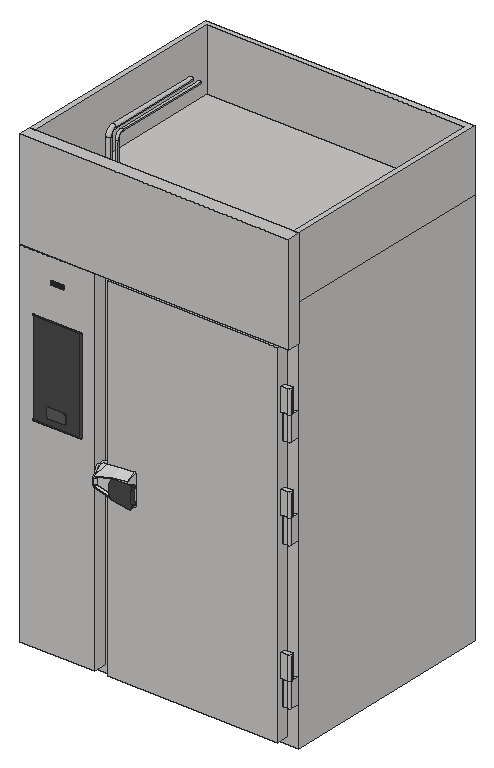
Revit family "QF_ZANUSSI_110552_ZBFA22RDE", category Specialty Equipment, Revit 2018
Family settings
  Round Connector Dimension = Use Radius
  Part Type = Normal
  Work Plane-Based = No
  Always vertical = Yes
  Cut with Voids When Loaded = No
  Shared = Yes
  Room Calculation Point = No
Parameters
  Weight = 0.00 kg
  Watts = 209.032 W
  Volts = 380 V
  URL Manufacturer = "http://www.zanussiprofessional.com"
  URL = "http://www.zanussiprofessional.com"
  Steam Supply Size = 0"
  Steam Supply Minimum Pressure = 0.00 psi
  Steam Supply Maximum Pressure = 0.00 psi
  Steam Pounds per Hour = 0
  Show Logo [instance] = yes
  Refrigeration Suction Line Size = 0"
  Refrigeration Liquid Line Size = 0"
  Refrigerant Compressor Remote = yes
  Phase = 3
  Model = "ZBFA22RDE"
  Manufacturer = "Zanussi"
  Length Actual = 1400 mm  # constant formula
  Item Number = "110552"
  Hot Water Size = 0"
  Height Actual = 2270 mm  # constant formula
  HP = "3 HP"
  Gas Size = 0"
  Gas KW = 0
  Gas Input Pressure = 0.0 Btu/h
  Description = "RAPIDO BLAST CHILLER FREEZER 200/170KG 20 GN 2/1 - DISASSEMBLED - REMOTE REFRIGERATING UNIT"
  Depth Actual = 1266 mm  # constant formula
  Cycle = 60 Hz
  Condensate Return Size = 0"
  Compressed Air Volume = 0 GPM
  Compressed Air Size = 0"
  Compressed Air Pressure = 0.00 psi
  Cold Water Size = 0"
  Assembly Code = ""
  Show Clearance [instance] = yes
  Accessory = yes
Reference planes
  plane 1 "BACK": y = 1
  plane 2: z = 0
  plane 3 "LEFT": x = 0
  plane 4 "RIGHT": x = 1400
  plane 5 "FRONT": y = -1205
  plane 6 "TOP": z = 2400
  plane 7 "Center Y": x = 700
  plane 8: y = -2155
  plane 9: y = -602
Forms (mm)
  Extrusion 1, solid, material "QF_Clearance", visible <- "Show Clearance", detail levels coarse
    sketch origin (0, 0, -70) x (1, 0, 0) y (0, 1, 0)
      loop
        line (0, -1205) -> (0, 1) -> (1400, 1) -> (1400, -1205) -> (1500, -1205) -> (1500, 101) -> (-100, 101) -> (-100, -1205) -> (0, -1205)
    from 70 to 2670
  Extrusion 2, solid, material "QF_Finishes_Stainless Steel"
    sketch origin (349.253, 33, 630.991) x (-1, 0, 0) y (0, -1, 0)
      loop
        line (349.253, 1172.759) -> (349.253, 1238) -> (-39.747, 1238) -> (-39.747, 1172.759) -> (349.253, 1172.759)
    from -597 to 1254
  Extrusion 3, solid, material "QF_Finishes_Stainless Steel"
    sketch origin (596.16, 27.971, -70) x (1, 0, 0) y (0, 1, 0)
      loop
        line (743.84, -1172.971) -> (-141.16, -1172.971) -> (-141.16, -1232.971) -> (743.84, -1232.971) -> (743.84, -1172.971)
    from 103.991 to 1945.25
  Extrusion 4, solid, material "QF_Door-Drawer Clearances", visible <- "Show Clearance", detail levels coarse
    sketch origin (875, -72.029, -91.802) x (-1, 0, 0) y (0, -1, 0)
      loop
        line (-465, 2025.971) -> (-465, 1132.971) -> (420, 1132.971)
        arc (420, 1132.971) -> (153.836, 1754.227) -> (-465, 2025.971) r 920
    from 125.793 to 1967.052
  Extrusion 5, solid, material "QF_Finishes_Stainless Steel"
    sketch origin (0, -1139.759, 0) x (0, 1, 0) y (-1, 0, 0)
      loop
        line (1140.759, 0) -> (0.759, 0) -> (0.759, -1400) -> (1140.759, -1400) -> (1140.759, 0)
    from 0 to 2080
  Extrusion 6, solid, material "QF_Finishes_Stainless Steel"
    sketch origin (0, 0, -70) x (0, 1, 0) y (0, 0, 1)
      loop
        line (-1139, 2470) -> (-1205, 2470) -> (-1205, 1956) -> (-1139, 1956) -> (-1139, 2470)
    from 0 to 1400
  Extrusion 7, solid, material "QF_Finishes_Stainless Steel"
    sketch origin (0, -1139.759, 2080) x (0, 1, 0) y (-1, 0, 0)
      loop
        line (1140.759, 0) -> (0.759, 0) -> (0.759, -27.807) -> (1112.952, -27.807) -> (1112.952, -1372.193) -> (0.759, -1372.193) -> (0.759, -1400) -> (1140.759, -1400) -> (1140.759, 0)
    from 0 to 320
  Extrusion 8, solid, material "QF_Clearance", visible <- "Show Clearance", detail levels coarse
    sketch origin (0, 0, 2400) x (-1, 0, 0) y (0, -1, 0)
      loop
        line (0, 1205) -> (-1400, 1205) -> (-1400, -1) -> (0, -1) -> (0, 1205)
    from 0 to 200
  Extrusion 9, solid, material "QF_Finishes_Stainless Steel"
    sketch origin (-390.239, -0.977, 1172.559) x (1, 0, 0) y (0, 1, 0)
      loop
        line (1730.239, -1159.557) -> (1730.239, -1186.759) -> (1771.078, -1186.759)
        arc (1771.078, -1186.759) -> (1778.149, -1183.83) -> (1781.078, -1176.759) r 10
        line (1781.078, -1176.759) -> (1781.078, -1169.557)
        arc (1781.078, -1169.557) -> (1778.149, -1162.486) -> (1771.078, -1159.557) r 10
        line (1771.078, -1159.557) -> (1730.239, -1159.557)
    from 398 to 516
  Extrusion 10, solid, material "QF_Finishes_Stainless Steel"
    sketch origin (-388.989, -0.977, 1172.559) x (1, 0, 0) y (0, 1, 0)
      loop
        line (1779.828, -1138.023) -> (1738.215, -1138.023) -> (1738.215, -1176.759)
        arc (1738.215, -1176.759) -> (1741.143, -1183.83) -> (1748.215, -1186.759) r 10
        line (1748.215, -1186.759) -> (1769.828, -1186.759)
        arc (1769.828, -1186.759) -> (1776.899, -1183.83) -> (1779.828, -1176.759) r 10
        line (1779.828, -1176.759) -> (1779.828, -1138.023)
    from 269 to 396
  Extrusion 11, solid, material "QF_Finishes_Handrails and Railings"
    sketch origin (0, -1205, -139.705) x (-1, 0, 0) y (0, 0, 1)
      loop
        arc (-455, 1022.346) -> (-433.392, 1027.289) -> (-413, 1035.976) r 124.815
        arc (-413, 1035.976) -> (-402.037, 1046.425) -> (-398, 1061.023) r 28.412
        line (-398, 1061.023) -> (-398, 1124.287)
        arc (-398, 1124.287) -> (-402.037, 1138.885) -> (-413, 1149.334) r 28.412
        arc (-413, 1149.334) -> (-433.392, 1158.021) -> (-455, 1162.964) r 124.815
        line (-455, 1162.964) -> (-455, 1022.346)
    from 0 to 25
  Extrusion 12, solid, material "QF_Finishes_Stainless Steel"
    sketch origin (0, 1, -70) x (1, 0, 0) y (0, 0, 1)
      loop
        circle (50.191, 2279.706) r 10
    from -2 to 0
  Extrusion 13, solid
    sketch origin (0, 0, -70) x (1, 0, 0) y (0, 1, 0)
      loop
        circle (271, -895) r 12.7
    from 180 to 190
  Sweep 14, solid, material "QF_Finishes_Stainless Steel"
    path in 3D
      loop
        line (196, -872.727, 2090) -> (196, -872.727, 2314.785)
        arc (196, -872.727, 2314.785) -> (196, -863.94, 2335.999) -> (196, -842.727, 2344.785) r 30
        line (196, -842.727, 2344.785) -> (196, -337, 2344.785)
    profile origin (196, -589.864, 2344.785) x (-1, 0, 0) y (0, 0, 1)
      loop
        circle (0, -0.785) r 11
  Sweep 15, solid, material "QF_Finishes_Stainless Steel"
    path in 3D
      loop
        line (239, -337, 2344) -> (239, -842.727, 2344)
        arc (239, -842.727, 2344) -> (239, -863.94, 2335.213) -> (239, -872.727, 2314) r 30
        line (239, -872.727, 2314) -> (239, -872.727, 2090)
    profile origin (239, -589.864, 2344) x (1, 0, 0) y (0, 0, 1)
      loop
        circle (0, 0) r 6
  Extrusion 16, solid, material "QF_Finishes_Stainless Steel"
    sketch origin (0, -1139.759, 2080) x (0, 1, 0) y (-1, 0, 0)
      loop
        line (272.791, -163.68) -> (262.791, -163.68)
        arc (262.791, -163.68) -> (252.185, -168.074) -> (247.791, -178.68) r 15
        line (247.791, -178.68) -> (247.791, -270.358)
        arc (247.791, -270.358) -> (252.185, -280.965) -> (262.791, -285.358) r 15
        line (262.791, -285.358) -> (272.791, -285.358)
        arc (272.791, -285.358) -> (283.398, -280.965) -> (287.791, -270.358) r 15
        line (287.791, -270.358) -> (287.791, -178.68)
        arc (287.791, -178.68) -> (283.398, -168.074) -> (272.791, -163.68) r 15
    from 0 to 10
  Blend 17, solid, material "QF_Finishes_Handrails and Railings"
    base sketch origin (0, -1205, -139.705) x (1, 0, 0) y (0, 0, 1)
      loop
        arc (455, 1162.964) -> (433.392, 1158.021) -> (413, 1149.334) r 124.815
        arc (413, 1149.334) -> (402.037, 1138.885) -> (398, 1124.287) r 28.412
        line (398, 1124.287) -> (398, 1061.023)
        arc (398, 1061.023) -> (402.037, 1046.425) -> (413, 1035.976) r 28.412
        arc (413, 1035.976) -> (433.392, 1027.289) -> (455, 1022.346) r 124.815
        arc (455, 1022.346) -> (524.77, 1014.896) -> (594.859, 1011.587) r 1185.63
        arc (594.859, 1011.587) -> (600.607, 1013.879) -> (603, 1019.586) r 8
        line (603, 1019.586) -> (603, 1165.724)
        arc (603, 1165.724) -> (600.607, 1171.431) -> (594.859, 1173.723) r 8
        arc (594.859, 1173.723) -> (524.77, 1170.414) -> (455, 1162.964) r 1185.63
    top sketch origin (0, -1205, -139.705) x (1, 0, 0) y (0, 0, 1)
      loop
        line (421, 1108.337) -> (421, 1076.973)
        arc (421, 1076.973) -> (423.295, 1069.915) -> (429.302, 1065.557) r 12
        arc (429.302, 1065.557) -> (515.086, 1044.22) -> (603, 1034.974) r 636.459
        line (603, 1034.974) -> (603, 1150.336)
        arc (603, 1150.336) -> (515.086, 1141.09) -> (429.302, 1119.753) r 636.459
        arc (429.302, 1119.753) -> (423.295, 1115.395) -> (421, 1108.337) r 12
    from 0 to 50
  Blend 18, void
    base sketch origin (0, -1255, -139.705) x (-1, 0, 0) y (0, 0, 1)
      loop
        arc (-430.843, 1114.996) -> (-515.866, 1136.151) -> (-603, 1145.333) r 631.459
        line (-603, 1145.333) -> (-603, 1039.977)
        arc (-603, 1039.977) -> (-515.866, 1049.159) -> (-430.843, 1070.314) r 631.459
        arc (-430.843, 1070.314) -> (-427.339, 1072.856) -> (-426, 1076.973) r 7
        line (-426, 1076.973) -> (-426, 1108.337)
        arc (-426, 1108.337) -> (-427.339, 1112.454) -> (-430.843, 1114.996) r 7
    top sketch origin (0, -1255, -139.705) x (-1, 0, 0) y (0, 0, 1)
      loop
        arc (-432.384, 1110.24) -> (-516.647, 1131.211) -> (-603, 1140.33) r 626.459
        line (-603, 1140.33) -> (-603, 1044.98)
        arc (-603, 1044.98) -> (-516.647, 1054.099) -> (-432.384, 1075.07) r 626.459
        arc (-432.384, 1075.07) -> (-431.382, 1075.797) -> (-431, 1076.973) r 2
        line (-431, 1076.973) -> (-431, 1108.337)
        arc (-431, 1108.337) -> (-431.382, 1109.513) -> (-432.384, 1110.24) r 2
    from 0 to 10
  Blend 19, solid, material "QF_Finishes_Black"
    base sketch origin (0, -1245, -139.705) x (1, 0, 0) y (0, 0, 1)
      loop
        arc (628.567, 1043.419) -> (622.014, 1092.655) -> (628.567, 1141.89) r 188.232
        arc (628.567, 1141.89) -> (627.358, 1147.991) -> (621.77, 1150.721) r 7
        arc (621.77, 1150.721) -> (572.304, 1148.509) -> (523.16, 1142.458) r 636.459
        arc (523.16, 1142.458) -> (507.711, 1092.655) -> (523.16, 1042.852) r 88
        arc (523.16, 1042.852) -> (572.304, 1036.801) -> (621.77, 1034.589) r 636.459
        arc (621.77, 1034.589) -> (627.358, 1037.319) -> (628.567, 1043.419) r 7
    top sketch origin (0, -1245, -139.705) x (1, 0, 0) y (0, 0, 1)
      loop
        arc (626.748, 1050.703) -> (622.014, 1092.655) -> (626.748, 1134.607) r 188.232
        arc (626.748, 1134.607) -> (625.775, 1138.85) -> (621.845, 1140.722) r 5
        arc (621.845, 1140.722) -> (569.023, 1138.185) -> (516.603, 1131.203) r 626.459
        arc (516.603, 1131.203) -> (507.711, 1092.655) -> (516.603, 1054.107) r 88
        arc (516.603, 1054.107) -> (569.023, 1047.124) -> (621.845, 1044.588) r 626.459
        arc (621.845, 1044.588) -> (625.775, 1046.46) -> (626.748, 1050.703) r 5
    from 20 to 0
  Extrusion 20, solid, material "QF_Finishes_Stainless Steel"
    sketch origin (-390.239, -0.977, 692.559) x (1, 0, 0) y (0, 1, 0)
      loop
        line (1730.239, -1159.557) -> (1730.239, -1186.759) -> (1771.078, -1186.759)
        arc (1771.078, -1186.759) -> (1778.149, -1183.83) -> (1781.078, -1176.759) r 10
        line (1781.078, -1176.759) -> (1781.078, -1169.557)
        arc (1781.078, -1169.557) -> (1778.149, -1162.486) -> (1771.078, -1159.557) r 10
        line (1771.078, -1159.557) -> (1730.239, -1159.557)
    from 398 to 516
  Extrusion 21, solid, material "QF_Finishes_Stainless Steel"
    sketch origin (-388.989, -0.977, 692.559) x (1, 0, 0) y (0, 1, 0)
      loop
        line (1779.828, -1138.023) -> (1738.215, -1138.023) -> (1738.215, -1176.759)
        arc (1738.215, -1176.759) -> (1741.143, -1183.83) -> (1748.215, -1186.759) r 10
        line (1748.215, -1186.759) -> (1769.828, -1186.759)
        arc (1769.828, -1186.759) -> (1776.899, -1183.83) -> (1779.828, -1176.759) r 10
        line (1779.828, -1176.759) -> (1779.828, -1138.023)
    from 269 to 396
  Extrusion 22, solid, material "QF_Finishes_Stainless Steel"
    sketch origin (-390.239, -0.977, -67.441) x (1, 0, 0) y (0, 1, 0)
      loop
        line (1730.239, -1159.557) -> (1730.239, -1186.759) -> (1771.078, -1186.759)
        arc (1771.078, -1186.759) -> (1778.149, -1183.83) -> (1781.078, -1176.759) r 10
        line (1781.078, -1176.759) -> (1781.078, -1169.557)
        arc (1781.078, -1169.557) -> (1778.149, -1162.486) -> (1771.078, -1159.557) r 10
        line (1771.078, -1159.557) -> (1730.239, -1159.557)
    from 398 to 516
  Extrusion 23, solid, material "QF_Finishes_Stainless Steel"
    sketch origin (-388.989, -0.977, -67.441) x (1, 0, 0) y (0, 1, 0)
      loop
        line (1779.828, -1138.023) -> (1738.215, -1138.023) -> (1738.215, -1176.759)
        arc (1738.215, -1176.759) -> (1741.143, -1183.83) -> (1748.215, -1186.759) r 10
        line (1748.215, -1186.759) -> (1769.828, -1186.759)
        arc (1769.828, -1186.759) -> (1776.899, -1183.83) -> (1779.828, -1176.759) r 10
        line (1779.828, -1176.759) -> (1779.828, -1138.023)
    from 269 to 396
  Extrusion 24, solid, material "QF_Door-Drawer Clearances", visible <- "Show Clearance", detail levels coarse
    sketch origin (167.029, -1956.84, -70) x (0, 1, 0) y (-1, 0, 0)
      loop
        line (751.84, -1172.971) -> (-141.16, -1172.971) -> (-141.16, -1232.971) -> (751.84, -1232.971) -> (751.84, -1172.971)
    from 103.991 to 1945.25
  Extrusion 25, solid, material "QF_Door-Drawer Clearances", visible <- "Show Clearance", detail levels coarse
    sketch origin (1400, -2553, -139.705) x (0, -1, 0) y (0, 0, 1)
      loop
        arc (-455, 1022.346) -> (-433.392, 1027.289) -> (-413, 1035.976) r 124.815
        arc (-413, 1035.976) -> (-402.037, 1046.425) -> (-398, 1061.023) r 28.412
        line (-398, 1061.023) -> (-398, 1124.287)
        arc (-398, 1124.287) -> (-402.037, 1138.885) -> (-413, 1149.334) r 28.412
        arc (-413, 1149.334) -> (-433.392, 1158.021) -> (-455, 1162.964) r 124.815
        line (-455, 1162.964) -> (-455, 1022.346)
    from 0 to 25
  Blend 26, solid, material "QF_Door-Drawer Clearances", visible <- "Show Clearance", detail levels coarse
    base sketch origin (1400, -2553, -139.705) x (0, 1, 0) y (0, 0, 1)
      loop
        arc (455, 1162.964) -> (433.392, 1158.021) -> (413, 1149.334) r 124.815
        arc (413, 1149.334) -> (402.037, 1138.885) -> (398, 1124.287) r 28.412
        line (398, 1124.287) -> (398, 1061.023)
        arc (398, 1061.023) -> (402.037, 1046.425) -> (413, 1035.976) r 28.412
        arc (413, 1035.976) -> (433.392, 1027.289) -> (455, 1022.346) r 124.815
        arc (455, 1022.346) -> (524.77, 1014.896) -> (594.859, 1011.587) r 1185.63
        arc (594.859, 1011.587) -> (600.607, 1013.879) -> (603, 1019.586) r 8
        line (603, 1019.586) -> (603, 1165.724)
        arc (603, 1165.724) -> (600.607, 1171.431) -> (594.859, 1173.723) r 8
        arc (594.859, 1173.723) -> (524.77, 1170.414) -> (455, 1162.964) r 1185.63
    top sketch origin (1400, -2553, -139.705) x (0, 1, 0) y (0, 0, 1)
      loop
        line (421, 1108.337) -> (421, 1076.973)
        arc (421, 1076.973) -> (423.295, 1069.915) -> (429.302, 1065.557) r 12
        arc (429.302, 1065.557) -> (515.086, 1044.22) -> (603, 1034.974) r 636.459
        line (603, 1034.974) -> (603, 1150.336)
        arc (603, 1150.336) -> (515.086, 1141.09) -> (429.302, 1119.753) r 636.459
        arc (429.302, 1119.753) -> (423.295, 1115.395) -> (421, 1108.337) r 12
    from 0 to 50
  Blend 27, void
    base sketch origin (1450, -2553, -139.705) x (0, -1, 0) y (0, 0, 1)
      loop
        arc (-430.843, 1114.996) -> (-515.866, 1136.151) -> (-603, 1145.333) r 631.459
        line (-603, 1145.333) -> (-603, 1039.977)
        arc (-603, 1039.977) -> (-515.866, 1049.159) -> (-430.843, 1070.314) r 631.459
        arc (-430.843, 1070.314) -> (-427.339, 1072.856) -> (-426, 1076.973) r 7
        line (-426, 1076.973) -> (-426, 1108.337)
        arc (-426, 1108.337) -> (-427.339, 1112.454) -> (-430.843, 1114.996) r 7
    top sketch origin (1450, -2553, -139.705) x (0, -1, 0) y (0, 0, 1)
      loop
        arc (-432.384, 1110.24) -> (-516.647, 1131.211) -> (-603, 1140.33) r 626.459
        line (-603, 1140.33) -> (-603, 1044.98)
        arc (-603, 1044.98) -> (-516.647, 1054.099) -> (-432.384, 1075.07) r 626.459
        arc (-432.384, 1075.07) -> (-431.382, 1075.797) -> (-431, 1076.973) r 2
        line (-431, 1076.973) -> (-431, 1108.337)
        arc (-431, 1108.337) -> (-431.382, 1109.513) -> (-432.384, 1110.24) r 2
    from 0 to 10
  Blend 28, solid, material "QF_Door-Drawer Clearances", visible <- "Show Clearance", detail levels coarse
    base sketch origin (1440, -2553, -139.705) x (0, 1, 0) y (0, 0, 1)
      loop
        arc (628.567, 1043.419) -> (622.014, 1092.655) -> (628.567, 1141.89) r 188.232
        arc (628.567, 1141.89) -> (627.358, 1147.991) -> (621.77, 1150.721) r 7
        arc (621.77, 1150.721) -> (572.304, 1148.509) -> (523.16, 1142.458) r 636.459
        arc (523.16, 1142.458) -> (507.711, 1092.655) -> (523.16, 1042.852) r 88
        arc (523.16, 1042.852) -> (572.304, 1036.801) -> (621.77, 1034.589) r 636.459
        arc (621.77, 1034.589) -> (627.358, 1037.319) -> (628.567, 1043.419) r 7
    top sketch origin (1440, -2553, -139.705) x (0, 1, 0) y (0, 0, 1)
      loop
        arc (626.748, 1050.703) -> (622.014, 1092.655) -> (626.748, 1134.607) r 188.232
        arc (626.748, 1134.607) -> (625.775, 1138.85) -> (621.845, 1140.722) r 5
        arc (621.845, 1140.722) -> (569.023, 1138.185) -> (516.603, 1131.203) r 626.459
        arc (516.603, 1131.203) -> (507.711, 1092.655) -> (516.603, 1054.107) r 88
        arc (516.603, 1054.107) -> (569.023, 1047.124) -> (621.845, 1044.588) r 626.459
        arc (621.845, 1044.588) -> (625.775, 1046.46) -> (626.748, 1050.703) r 5
    from 20 to -1
Cuts and joins
  Blend 18 cuts Blend 17
  joined: Extrusion 11, Blend 17
  Blend 18 cuts Extrusion 4
  Blend 27 cuts Blend 26
  Blend 27 cuts Blend 28
  joined: Extrusion 4, Extrusion 24, Extrusion 25, Blend 26, Blend 28
  joined: Extrusion 7, Extrusion 12
  joined: Extrusion 5, Extrusion 10, Sweep 14, Sweep 15, Extrusion 16, Extrusion 21, Extrusion 23
  joined: Extrusion 3, Extrusion 9, Extrusion 20, Extrusion 22
  joined: Extrusion 1, Extrusion 8
Lines and regions (mm)
  symbolic lines, style "QF-Clearances", visible <- "Show Clearance", detail levels coarse
    curve 1: line (-100, -1204.241, 70) -> (-100, 101, 70)
    curve 2: line (-100, 101, 70) -> (1500, 101, 70)
    curve 3: line (1500, 101, 70) -> (1500, -1204.241, 70)
  symbolic lines
    curve 4: line (185, -336.968, 70) -> (207, -336.968, 70)
    curve 5: line (207, -336.968, 70) -> (207, -871.942, 70)
    curve 6: line (233, -872.727, 70) -> (233, -337, 70)
    curve 7: line (233, -337, 70) -> (245, -337, 70)
    curve 8: line (245, -337, 70) -> (245, -872.727, 70)
    curve 9: line (245, -851.968, 70) -> (270.358, -851.968, 70)
    curve 10: arc (285.358, -866.968, 70) -> (280.965, -856.361, 70) -> (270.358, -851.968, 70) r 15
    curve 11: line (285.358, -876.968, 70) -> (285.358, -866.968, 70)
    curve 12: arc (270.358, -891.968, 70) -> (280.965, -887.575, 70) -> (285.358, -876.968, 70) r 15
    curve 13: line (178.68, -891.968, 70) -> (270.358, -891.968, 70)
    curve 14: arc (163.68, -876.968, 70) -> (168.074, -887.575, 70) -> (178.68, -891.968, 70) r 15
    curve 15: line (163.68, -866.968, 70) -> (163.68, -876.968, 70)
    curve 16: arc (178.68, -851.968, 70) -> (168.074, -856.361, 70) -> (163.68, -866.968, 70) r 15
    curve 17: arc (207, -871.942, 70) -> (196, -882.942, 70) -> (185, -871.942, 70) r 11
    curve 18: arc (233, -872.727, 70) -> (239, -878.727, 70) -> (245, -872.727, 70) r 6
    curve 19: line (178.68, -851.968, 70) -> (185, -851.968, 70)
    curve 20: line (185, -336.968, 70) -> (185, -871.942, 70)
    curve 21: line (207, -851.968, 70) -> (233, -851.968, 70)
    curve 22: line (0, 1, 70) -> (1400, 1, 70)
    curve 23: line (0, -1205, 70) -> (0, 1, 70)
    curve 24: line (1400, -1205, 70) -> (0, -1205, 70)
    curve 25: line (1400, 1, 70) -> (1400, -1205, 70)
    curve 26: line (27.807, -26.807, 70) -> (1372.193, -26.807, 70)
    curve 27: line (27.807, -1139, 70) -> (27.807, -26.807, 70)
    curve 28: line (1400, -1139, 70) -> (0, -1139, 70)
    curve 29: line (1372.193, -26.807, 70) -> (1372.193, -1139, 70)
    curve 30: line (75.5, -1210, 70) -> (313.5, -1210, 70)
    curve 31: line (75.5, -1210, 70) -> (67.5, -1205, 70)
    curve 32: line (313.5, -1210, 70) -> (321.5, -1205, 70)
    curve 33: line (421, -1255, 70) -> (398, -1205, 70)
    curve 34: line (421, -1255, 70) -> (603, -1255, 70)
    curve 35: line (603, -1255, 70) -> (603, -1205, 70)
    curve 36: line (603, -1245, 70) -> (626.748, -1245, 70)
    curve 37: line (626.748, -1245, 70) -> (628.811, -1265, 70)
    curve 38: line (628.811, -1265, 70) -> (507.711, -1265, 70)
    curve 39: line (507.711, -1265, 70) -> (507.711, -1255, 70)
  symbolic lines, style "QF_Door-Drawer Clearances", visible <- "Show Clearance"
    curve 40: line (1450, -2132, 70) -> (1400, -2155, 70)
    curve 41: line (1450, -2132, 70) -> (1450, -1950, 70)
    curve 42: line (1450, -1950, 70) -> (1400, -1950, 70)
    curve 43: line (1439, -1950, 70) -> (1439, -1926.126, 70)
    curve 44: line (1439, -1926.126, 70) -> (1460, -1924.189, 70)
    curve 45: line (1460, -1924.189, 70) -> (1460, -2045.289, 70)
    curve 46: line (1460, -2045.289, 70) -> (1450, -2045.289, 70)
    curve 47: line (1375, -2098, 70) -> (1375, -2155, 70)
    curve 48: line (1340, -2098, 70) -> (1400, -2098, 70)
    curve 49: arc (457.796, -1255, 70) -> (739.031, -1843.801, 70) -> (1340, -2098, 70) r 920
    curve 50: line (1400, -2155, 70) -> (1375, -2155, 70)
    curve 51: line (1400, -2098, 70) -> (1400, -1205, 70)
    curve 58: line (1340, -2098, 70) -> (1340, -1205, 70)
  sketch lines
    curve 52: line (196, -842.727, 2344.785) -> (196, -337, 2344.785)
    curve 53: arc (196, -872.727, 2314.785) -> (196, -863.94, 2335.999) -> (196, -842.727, 2344.785) r 30
    curve 54: line (196, -872.727, 2090) -> (196, -872.727, 2314.785)
    curve 55: line (239, -337, 2344) -> (239, -842.727, 2344)
    curve 56: arc (239, -842.727, 2344) -> (239, -863.94, 2335.213) -> (239, -872.727, 2314) r 30
    curve 57: line (239, -872.727, 2314) -> (239, -872.727, 2090)
Dimensions and locks
  plane 5 "FRONT" to plane 1 "BACK" = 1206 mm
  plane 6 "TOP" to level = 2400 mm
  plane 4 "RIGHT" to plane 3 "LEFT" = 1400 mm
  plane 3 "LEFT" to plane 4 "RIGHT" = 1400 mm
  equal spacing: plane 3 "LEFT", plane 7 "Center Y", plane 4 "RIGHT"
  plane 1 "BACK" to plane 5 "FRONT" = 1206 mm
  aligned and locked: level to plane 2
Automatic sketch dimensions
  plane 5 "FRONT" to Extrusion 1 sketch curve = 0 mm  (x2)
  Extrusion 1 sketch curve to plane 3 "LEFT" = 0 mm
  plane 1 "BACK" to Extrusion 1 sketch curve = 0 mm
  Extrusion 1 sketch curve to plane 4 "RIGHT" = 0 mm
  Extrusion 1 sketch curve to plane 3 "LEFT" = 100 mm
  plane 4 "RIGHT" to Extrusion 1 sketch curve = 100 mm
  Extrusion 1 sketch curve to plane 1 "BACK" = 100 mm
  plane 5 "FRONT" to Extrusion 2 sketch curve = 0 mm
  Extrusion 2 sketch curve to plane 3 "LEFT" = 0 mm
  Extrusion 2 sketch curve to plane 5 "FRONT" = 65.241 mm
  plane 5 "FRONT" to Extrusion 3 sketch curve = 0 mm
  Extrusion 3 sketch curve to plane 5 "FRONT" = 60 mm
  Extrusion 3 sketch curve to plane 4 "RIGHT" = 60 mm
  plane 5 "FRONT" to Extrusion 4 sketch curve = 0 mm
  Extrusion 4 sketch curve to plane 4 "RIGHT" = 25.377 mm
  Extrusion 4 sketch curve to Extrusion 4 sketch curve = 34.623 mm
  Extrusion 4 sketch curve to plane 5 "FRONT" = 26.348 mm
  Extrusion 5 sketch curve to plane 3 "LEFT" = 0 mm
  Extrusion 5 sketch curve to plane 4 "RIGHT" = 0 mm
  plane 1 "BACK" to Extrusion 5 sketch curve = 0 mm
  Extrusion 5 sketch curve to plane 5 "FRONT" = 66 mm
  Extrusion 6 sketch curve to plane 5 "FRONT" = 0 mm
  Extrusion 6 sketch curve to plane 5 "FRONT" = 66 mm
  Extrusion 6 sketch curve to plane 6 "TOP" = 514 mm
  plane 6 "TOP" to Extrusion 6 sketch curve = 0 mm
  Extrusion 5 to Extrusion 7 sketch curve = 0 mm
  Extrusion 7 sketch curve to Extrusion 5 = 0 mm  (x4)
  Extrusion 7 sketch curve to Extrusion 5 = 27.807 mm  (x3)
  Extrusion 8 sketch curve to plane 4 "RIGHT" = 0 mm
  plane 1 "BACK" to Extrusion 8 sketch curve = 0 mm
  Extrusion 8 sketch curve to plane 3 "LEFT" = 0 mm
  plane 5 "FRONT" to Extrusion 8 sketch curve = 0 mm
  Extrusion 9 sketch curve to plane 5 "FRONT" = 17.264 mm
  Extrusion 9 sketch curve to plane 4 "RIGHT" = 60 mm
  Extrusion 9 sketch curve to plane 4 "RIGHT" = 19.161 mm
  Extrusion 9 sketch curve to Extrusion 9 sketch curve = 0 mm
  Extrusion 9 sketch curve to plane 4 "RIGHT" = 9.161 mm
  Extrusion 9 sketch curve to Extrusion 9 sketch curve = 7.202 mm
  Extrusion 10 sketch curve to plane 5 "FRONT" = 27.264 mm
  Extrusion 10 sketch curve to plane 4 "RIGHT" = 50.775 mm
  Extrusion 10 sketch curve to Extrusion 10 sketch curve = 10 mm
  Extrusion 10 sketch curve to plane 4 "RIGHT" = 19.161 mm
  Extrusion 10 sketch curve to plane 4 "RIGHT" = 9.161 mm
  Extrusion 10 sketch curve to Extrusion 10 sketch curve = 38.736 mm
  plane 7 "Center Y" to Extrusion 11 sketch curve = 228.081 mm
  Extrusion 11 sketch curve to Extrusion 11 sketch curve = 0 mm
  Extrusion 11 sketch curve to Extrusion 11 sketch curve = 16.919 mm
  Extrusion 11 sketch curve to Extrusion 11 sketch curve = 28.588 mm  (x2)
  Extrusion 11 sketch curve to Extrusion 11 sketch curve = 28.412 mm
  level to Extrusion 11 sketch curve = 882.641 mm
  Extrusion 11 sketch curve to Extrusion 11 sketch curve = 16.954 mm  (x2)
  Extrusion 11 sketch curve to Extrusion 11 sketch curve = 38.676 mm
  Extrusion 11 sketch curve to Extrusion 11 sketch curve = 63.265 mm
  Extrusion 11 sketch curve to Extrusion 11 sketch curve = 21.722 mm
  plane 3 "LEFT" to Extrusion 12 sketch curve = 50.191 mm
  Extrusion 12 sketch curve to plane 6 "TOP" = 190.294 mm
  Extrusion 13 sketch curve to plane 9 = 293 mm
  Sweep 14 sketch curve to profile plane = 0 mm
  Sweep 14 sketch curve to profile plane = 0.785 mm
  profile plane to Sweep 15 sketch curve = 0 mm
  Sweep 15 sketch curve to profile plane = 0 mm
  Extrusion 16 sketch curve to Extrusion 5 = 247.032 mm
  Extrusion 16 sketch curve to Extrusion 16 sketch curve = 15 mm  (x3)
  Extrusion 16 sketch curve to Extrusion 16 sketch curve = 10 mm  (x2)
  Extrusion 16 sketch curve to Extrusion 5 = 285.358 mm
  Extrusion 16 sketch curve to Extrusion 16 sketch curve = 91.678 mm
  Blend 17 sketch curve to Extrusion 11 = 0 mm  (x4)
  Blend 17 sketch curve to Extrusion 11 = 28.412 mm
  Blend 17 sketch curve to Blend 17 sketch curve = 123.081 mm  (x2)
  Blend 17 sketch curve to Blend 17 sketch curve = 8 mm
  Extrusion 11 to Blend 17 sketch curve = 160.712 mm  (x2)
  Blend 17 sketch curve to Blend 17 sketch curve = 19.715 mm  (x2)
  Blend 17 sketch curve to Blend 17 sketch curve = 38.676 mm
  Blend 17 sketch curve to Extrusion 11 = 23 mm
  Blend 17 sketch curve to Blend 17 sketch curve = 12 mm  (x2)
  Extrusion 11 to Blend 17 sketch curve = 148 mm
  Extrusion 11 to Blend 17 sketch curve = 170.45 mm  (x2)
  Blend 17 sketch curve to Blend 17 sketch curve = 520.701 mm  (x2)
  Blend 17 sketch curve to Blend 17 sketch curve = 41.999 mm
  Blend 17 sketch curve to Blend 17 sketch curve = 31.364 mm
  Blend 17 sketch curve to Blend 17 sketch curve = 115.362 mm
  Blend 17 to Blend 18 sketch curve = 0 mm  (x2)
  Blend 18 sketch curve to Blend 18 sketch curve = 7 mm
  Blend 18 sketch curve to Blend 18 sketch curve = 31.364 mm  (x2)
  Blend 18 sketch curve to Blend 18 sketch curve = 2 mm
  Blend 18 to Blend 19 sketch curve = 18.811 mm  (x2)
  Blend 19 sketch curve to Blend 18 = 7.289 mm  (x2)
  Blend 19 sketch curve to Blend 19 sketch curve = 188.435 mm
  Blend 19 sketch curve to Blend 19 sketch curve = 7 mm  (x2)
  Blend 19 sketch curve to Blend 19 sketch curve = 51.066 mm  (x2)
  Blend 19 sketch curve to Blend 19 sketch curve = 0 mm  (x6)
  Blend 19 sketch curve to Blend 18 = 79.84 mm
  Blend 18 to Blend 19 sketch curve = 18.874 mm  (x2)
  Blend 19 sketch curve to Blend 19 sketch curve = 188.371 mm
  Blend 19 sketch curve to Blend 19 sketch curve = 5 mm  (x2)
  Blend 19 sketch curve to Blend 19 sketch curve = 43.067 mm  (x2)
  Blend 19 sketch curve to Blend 18 = 85.603 mm
  Extrusion 20 sketch curve to plane 5 "FRONT" = 17.264 mm
  Extrusion 20 sketch curve to plane 4 "RIGHT" = 60 mm
  Extrusion 20 sketch curve to plane 4 "RIGHT" = 19.161 mm
  Extrusion 20 sketch curve to Extrusion 20 sketch curve = 0 mm
  Extrusion 20 sketch curve to plane 4 "RIGHT" = 9.161 mm
  Extrusion 20 sketch curve to Extrusion 20 sketch curve = 7.202 mm
  Extrusion 21 sketch curve to plane 5 "FRONT" = 27.264 mm
  Extrusion 21 sketch curve to plane 4 "RIGHT" = 50.775 mm
  Extrusion 21 sketch curve to Extrusion 21 sketch curve = 10 mm
  Extrusion 21 sketch curve to plane 4 "RIGHT" = 19.161 mm
  Extrusion 21 sketch curve to plane 4 "RIGHT" = 9.161 mm
  Extrusion 21 sketch curve to Extrusion 21 sketch curve = 38.736 mm
  Extrusion 22 sketch curve to plane 5 "FRONT" = 17.264 mm
  Extrusion 22 sketch curve to plane 4 "RIGHT" = 60 mm
  Extrusion 22 sketch curve to plane 4 "RIGHT" = 19.161 mm
  Extrusion 22 sketch curve to Extrusion 22 sketch curve = 0 mm
  Extrusion 22 sketch curve to plane 4 "RIGHT" = 9.161 mm
  Extrusion 22 sketch curve to Extrusion 22 sketch curve = 7.202 mm
  Extrusion 23 sketch curve to plane 5 "FRONT" = 27.264 mm
  Extrusion 23 sketch curve to plane 4 "RIGHT" = 50.775 mm
  Extrusion 23 sketch curve to Extrusion 23 sketch curve = 10 mm
  Extrusion 23 sketch curve to plane 4 "RIGHT" = 19.161 mm
  Extrusion 23 sketch curve to plane 4 "RIGHT" = 9.161 mm
  Extrusion 23 sketch curve to Extrusion 23 sketch curve = 38.736 mm
  Extrusion 24 sketch curve to plane 4 "RIGHT" = 0 mm
  plane 5 "FRONT" to Extrusion 24 sketch curve = 0 mm
  Extrusion 24 sketch curve to plane 8 = 57 mm
  Extrusion 24 sketch curve to plane 4 "RIGHT" = 60 mm
  Extrusion 25 sketch curve to plane 8 = 0 mm
  Extrusion 25 sketch curve to Extrusion 25 sketch curve = 28.412 mm  (x2)
  Extrusion 25 sketch curve to Extrusion 25 sketch curve = 28.588 mm
  Extrusion 25 sketch curve to Extrusion 25 sketch curve = 16.919 mm  (x2)
  level to Extrusion 25 sketch curve = 882.641 mm
  Extrusion 25 sketch curve to Extrusion 25 sketch curve = 16.954 mm  (x2)
  Extrusion 25 sketch curve to Extrusion 25 sketch curve = 38.676 mm
  Extrusion 25 sketch curve to Extrusion 25 sketch curve = 63.265 mm
  Extrusion 25 sketch curve to Extrusion 25 sketch curve = 21.722 mm
  Blend 26 sketch curve to Extrusion 25 = 0 mm  (x4)
  Blend 26 sketch curve to Extrusion 25 = 28.412 mm
  Blend 26 sketch curve to Blend 26 sketch curve = 123.081 mm  (x2)
  Blend 26 sketch curve to Blend 26 sketch curve = 8 mm
  Extrusion 25 to Blend 26 sketch curve = 160.712 mm  (x2)
  Blend 26 sketch curve to Blend 26 sketch curve = 19.715 mm  (x2)
  Blend 26 sketch curve to Blend 26 sketch curve = 38.676 mm
  Blend 26 sketch curve to Extrusion 25 = 23 mm
  Blend 26 sketch curve to Blend 26 sketch curve = 12 mm  (x2)
  Extrusion 25 to Blend 26 sketch curve = 148 mm
  Extrusion 25 to Blend 26 sketch curve = 170.45 mm  (x2)
  Blend 26 sketch curve to Blend 26 sketch curve = 520.701 mm  (x2)
  Blend 26 sketch curve to Blend 26 sketch curve = 41.999 mm
  Blend 26 sketch curve to Blend 26 sketch curve = 31.364 mm
  Blend 26 sketch curve to Blend 26 sketch curve = 115.362 mm
  Blend 27 sketch curve to Blend 26 = 0 mm  (x2)
  Blend 27 sketch curve to Blend 27 sketch curve = 7 mm
  Blend 27 sketch curve to Blend 27 sketch curve = 31.364 mm  (x2)
  Blend 27 sketch curve to Blend 27 sketch curve = 2 mm
  Blend 27 to Blend 28 sketch curve = 18.811 mm  (x2)
  Blend 28 sketch curve to Blend 27 = 7.289 mm  (x2)
  Blend 28 sketch curve to Blend 28 sketch curve = 188.435 mm
  Blend 28 sketch curve to Blend 28 sketch curve = 7 mm  (x2)
  Blend 28 sketch curve to Blend 28 sketch curve = 51.066 mm  (x2)
  Blend 28 sketch curve to Blend 28 sketch curve = 0 mm  (x6)
  Blend 28 sketch curve to Blend 27 = 79.84 mm
  Blend 27 to Blend 28 sketch curve = 18.874 mm  (x2)
  Blend 28 sketch curve to Blend 28 sketch curve = 188.371 mm
  Blend 28 sketch curve to Blend 28 sketch curve = 5 mm  (x2)
  Blend 28 sketch curve to Blend 28 sketch curve = 43.067 mm  (x2)
  Blend 28 sketch curve to Blend 27 = 85.603 mm
  plane 7 "Center Y" to Extrusion 2 sketch curve = 311 mm
  plane 7 "Center Y" to Extrusion 3 sketch curve = 245 mm
  plane 7 "Center Y" to Extrusion 4 sketch curve = 245 mm
  plane 3 "LEFT" to Extrusion 13 sketch curve = 271 mm
  plane 8 to curve 47 = 0 mm
  curve 42 to plane 4 "RIGHT" = 0 mm
  plane 5 "FRONT" to curve 33 = 0 mm
  curve 28 to plane 3 "LEFT" = 0 mm
  plane 1 "BACK" to curve 22 = 0 mm
  curve 50 to plane 4 "RIGHT" = 0 mm
  curve 41 to plane 8 = 23 mm
  curve 48 to plane 8 = 57 mm
  curve 48 to curve 46 = 52.711 mm
  curve 46 to curve 41 = 95.289 mm
  plane 4 "RIGHT" to curve 44 = 39 mm
  curve 43 to curve 44 = 23.874 mm
  curve 43 to curve 45 = 1.937 mm
  plane 5 "FRONT" to curve 37 = 60 mm
  plane 5 "FRONT" to curve 34 = 50 mm
  curve 37 to curve 37 = 20 mm
  plane 5 "FRONT" to curve 30 = 5 mm
  curve 49 to plane 5 "FRONT" = 26.348 mm
  plane 3 "LEFT" to curve 13 = 178.68 mm
  curve 13 to plane 9 = 289.968 mm
  curve 13 to curve 14 = 15 mm
  curve 12 to curve 11 = 15 mm
  curve 12 to curve 18 = 4.241 mm
  curve 14 to curve 17 = 5.026 mm
  curve 14 to curve 15 = 10 mm
  curve 12 to curve 11 = 10 mm
  curve 10 to curve 9 = 15 mm
  curve 16 to curve 19 = 15 mm
  plane 9 to curve 7 = 265 mm
  curve 6 to curve 5 = 0.032 mm
  plane 1 "BACK" to curve 26 = 27.807 mm
  curve 2 to plane 1 "BACK" = 100 mm
  curve 42 to curve 43 = 11 mm
  curve 45 to curve 43 = 21 mm
  plane 4 "RIGHT" to curve 2 = 100 mm
  curve 40 to curve 47 = 25 mm
  curve 49 to plane 4 "RIGHT" = 25.377 mm
  curve 29 to plane 4 "RIGHT" = 27.807 mm
  curve 47 to curve 48 = 35 mm
  plane 7 "Center Y" to curve 37 = 71.189 mm
  curve 37 to curve 36 = 2.062 mm
  curve 36 to curve 34 = 23.748 mm
  curve 39 to curve 49 = 49.915 mm
  curve 49 to curve 33 = 36.796 mm
  curve 33 to curve 30 = 107.5 mm
  curve 11 to curve 16 = 106.678 mm
  curve 12 to curve 8 = 25.358 mm
  curve 8 to curve 18 = 6 mm
  curve 6 to curve 4 = 26 mm
  curve 5 to curve 17 = 11 mm
  plane 3 "LEFT" to curve 30 = 75.5 mm
  plane 3 "LEFT" to curve 27 = 27.807 mm
  curve 1 to plane 3 "LEFT" = 100 mm
  curve 3 to plane 5 "FRONT" = 0.759 mm
  curve 1 to plane 5 "FRONT" = 0.759 mm
  curve 49 to curve 29 = 39.652 mm
  curve 17 to curve 21 = 19.974 mm
  curve 33 to curve 33 = 23 mm
  curve 32 to curve 30 = 8 mm
  curve 30 to curve 31 = 8 mm
  radius of Extrusion 12 sketch curve = 10 mm
  radius of Extrusion 13 sketch curve = 12.7 mm
  radius of Sweep 14 sketch curve = 11 mm
  radius of Sweep 15 sketch curve = 6 mm
  radius of Blend 17 sketch curve to Extrusion 11 = 0 mm  (x3)
  radius of Blend 18 sketch curve to Blend 17 = 5 mm  (x3)
  radius of Blend 18 sketch curve to Blend 17 = 10 mm  (x3)
  radius of Blend 18 to Blend 19 sketch curve = 10 mm  (x2)
  radius of Blend 19 sketch curve to Blend 18 = 0 mm  (x2)
  radius of Blend 26 sketch curve to Extrusion 25 = 0 mm  (x3)
  radius of Blend 27 sketch curve to Blend 26 = 5 mm  (x3)
  radius of Blend 27 sketch curve to Blend 26 = 10 mm  (x3)
  radius of Blend 27 to Blend 28 sketch curve = 10 mm  (x2)
  radius of Blend 28 sketch curve to Blend 27 = 0 mm  (x2)
Nested families
  nested 1: "ZAN_Touch" at (194.5, -1205, 1338.103) x (1, 0, 0) z (0, -1, 0), type "ZAN_Touch"
  nested 2: "ZAN_Logo_XS" at (194.5, -1205, 1764.991) x (1, 0, 0) z (0, -1, 0), visible <- "Show Logo", type "ZAN_Logo_XS"
Connectors
  piping at (271, -895, 110), diameter 25.4
    settings: on Extrusion 13, index 5, connector inside diameter 24", connector length 0 mm, flow factor 0, pipe flow 0 GPM, pressure drop 0.00 psi, fitting loss kfactor 0, connector angle 0.00°, fixture units 0, engagement length 0 mm, angle of deflection 0.00°, flow configuration 1, flow direction 2, fitting loss method 0, system type 16, joint type 0, gender type 0, connector reference index -1, connector utility 0, adjustable connector no, is connector primary yes, connector description "Drain"
  electrical at (50.191, 3, 2209.706), driven by "Volts"
    settings: on Extrusion 12, index 6, voltage 380 V, apparent load 0 VA, apparent load phase1 0 VA, apparent load phase2 0 VA, apparent load phase3 0 VA, power factor 1, load classification "Altro", number of poles 1, system type 30, power factor state 1, is connector primary yes, connector utility no, sub classification motor no, connector description "Electrical Connection"
  piping at (239, -337, 2344), diameter 12
    settings: on Sweep 15, index 7, connector inside diameter 24", connector length 0 mm, flow factor 0, pipe flow 0 GPM, pressure drop 0.00 psi, fitting loss kfactor 0, connector angle 0.00°, fixture units 0, engagement length 0 mm, angle of deflection 0.00°, flow configuration 1, flow direction 1, fitting loss method 0, system type 8, joint type 0, gender type 0, connector reference index -1, connector utility 0, adjustable connector no, is connector primary no, connector description "Refrigerant Outlet"
  piping at (196, -337, 2344), diameter 22
    settings: on Sweep 14, index 8, connector inside diameter 24", connector length 0 mm, flow factor 0, pipe flow 0 GPM, pressure drop 0.00 psi, fitting loss kfactor 0, connector angle 0.00°, fixture units 0, engagement length 0 mm, angle of deflection 0.00°, flow configuration 1, flow direction 1, fitting loss method 0, system type 7, joint type 0, gender type 0, connector reference index -1, connector utility 0, adjustable connector no, is connector primary no, connector description "Refrigerant Inlet"
Definition of nested family "ZAN_Touch"
  Parameters
    Default Elevation = 1219.2 mm
  Reference planes
    plane 1 "Centro (Fronte/Retro)": y = 0
    plane 2: z = 0
    plane 3 "Centro (Sinistra/Destra)": x = 0
  Forms (mm)
    Extrusion 1, solid
      sketch origin (0, 0, 0) x (1, 0, 0) y (0, 1, 0)
        loop
          line (-1219.2, 1219.2) -> (-1219.2, -1219.2) -> (1219.2, -1219.2) -> (1219.2, 1219.2) -> (-1219.2, 1219.2)
      from 0 to -304.8
    Extrusion 2, solid
      sketch origin (0, 0, 5) x (1, 0, 0) y (0, 1, 0)
        loop
          line (-47, -160) -> (-47, -202)
          arc (-47, -202) -> (-45.536, -205.535) -> (-42, -207) r 5
          line (-42, -207) -> (42, -207)
          arc (42, -207) -> (45.536, -205.535) -> (47, -202) r 5
          line (47, -202) -> (47, -160)
          arc (47, -160) -> (45.536, -156.465) -> (42, -155) r 5
          line (42, -155) -> (-42, -155)
          arc (-42, -155) -> (-45.536, -156.465) -> (-47, -160) r 5
      from 0 to 2
    Blend 3, solid
      base sketch origin (0, 0, 0) x (1, 0, 0) y (0, 1, 0)
        loop
          line (-127, 244) -> (-127, -244)
          arc (-127, -244) -> (-125.536, -247.536) -> (-122, -249) r 5
          line (-122, -249) -> (122, -249)
          arc (122, -249) -> (125.536, -247.536) -> (127, -244) r 5
          line (127, -244) -> (127, 244)
          arc (127, 244) -> (125.536, 247.536) -> (122, 249) r 5
          line (122, 249) -> (-122, 249)
          arc (-122, 249) -> (-125.536, 247.536) -> (-127, 244) r 5
      top sketch origin (0, 0, 0) x (1, 0, 0) y (0, 1, 0)
        loop
          line (-119, -241) -> (119, -241) -> (119, 241) -> (-119, 241) -> (-119, -241)
      from 0 to 5
  Lines and regions (mm)
    Split face 1
      outline origin (0, 0, 5) x (1, 0, 0) y (0, 1, 0)
        loop
          line (-70.506, 46.167) -> (70.506, 46.167) -> (70.506, 214.829) -> (-70.506, 214.829) -> (-70.506, 46.167)
    Split face 2
      outline origin (0, 0, 5) x (1, 0, 0) y (0, 1, 0)
        loop
          line (-47.467, 50.825) -> (47.467, 50.825) -> (47.467, 210.171) -> (-47.467, 210.171) -> (-47.467, 50.825)
    Split face 3
      outline origin (0, 0, 5) x (1, 0, 0) y (0, 1, 0)
        loop
          line (116.89, 241) -> (114.093, 80.78)
          arc (114.093, 80.78) -> (111.629, 50.696) -> (105.329, 21.176) r 235
          arc (105.329, 21.176) -> (102.404, 0) -> (105.329, -21.176) r 78.117
          arc (105.329, -21.176) -> (111.629, -50.696) -> (114.093, -80.78) r 235
          line (114.093, -80.78) -> (116.89, -241)
  Dimensions and locks
    aligned and locked: plane 2 to Extrusion 1
    aligned and locked: level to Extrusion 1
Definition of nested family "ZAN_Logo_XS"
  Parameters
    Default Elevation = 0 mm
    M [instance] = none
  Reference planes
    plane 1 "Centro (Fronte/Retro)": y = 0
    plane 2: z = 0
    plane 3 "Centro (Sinistra/Destra)": x = 0
  Forms (mm)
    Extrusion 1, solid
      sketch origin (0, 0, 0) x (1, 0, 0) y (0, 1, 0)
        loop
          line (-1219.2, 1219.2) -> (-1219.2, -1219.2) -> (1219.2, -1219.2) -> (1219.2, 1219.2) -> (-1219.2, 1219.2)
      from 0 to -304.8
    Extrusion 2, solid, material <- "M"
      sketch origin (17.793, -46.218, 0) x (-1, 0, 0) y (0, -1, 0)
        loop
          spline (1.911, -54.793) -> (2.402, -54.973) -> (2.91, -55.105) -> (3.43, -55.191) -> (3.955, -55.229) -> (4.482, -55.219) -> (5.006, -55.161) -> (5.521, -55.054) -> (6.022, -54.898) -> (6.506, -54.693) -> (6.966, -54.438) -> (7.398, -54.133) -> (7.797, -53.778)
          spline (7.797, -53.778) -> (8.033, -53.407) -> (8.237, -53.008) -> (8.407, -52.586) -> (8.544, -52.147) -> (8.65, -51.697) -> (8.723, -51.241) -> (8.764, -50.785) -> (8.774, -50.335) -> (8.753, -49.897) -> (8.701, -49.475) -> (8.619, -49.075) -> (8.507, -48.704)
          line (8.507, -48.704) -> (6.883, -46.37) -> (5.158, -44.848) -> (3.027, -42.716)
          spline (3.027, -42.716) -> (3.002, -42.56) -> (2.979, -42.398) -> (2.962, -42.23) -> (2.952, -42.059) -> (2.951, -41.886) -> (2.963, -41.714) -> (2.99, -41.545) -> (3.034, -41.378) -> (3.098, -41.218) -> (3.184, -41.065) -> (3.295, -40.921) -> (3.433, -40.788)
          line (3.433, -40.788) -> (4.752, -40.687)
          spline (4.752, -40.687) -> (4.999, -40.855) -> (5.185, -41.053) -> (5.32, -41.275) -> (5.41, -41.518) -> (5.463, -41.775) -> (5.488, -42.044) -> (5.491, -42.319) -> (5.481, -42.596) -> (5.466, -42.87) -> (5.452, -43.137) -> (5.448, -43.392) -> (5.462, -43.63)
          line (5.462, -43.63) -> (9.014, -43.63)
          spline (9.014, -43.63) -> (9.056, -43.199) -> (9.08, -42.769) -> (9.084, -42.342) -> (9.067, -41.92) -> (9.027, -41.503) -> (8.964, -41.093) -> (8.875, -40.691) -> (8.759, -40.3) -> (8.615, -39.919) -> (8.441, -39.552) -> (8.237, -39.198) -> (7.999, -38.86)
          spline (7.999, -38.86) -> (7.708, -38.596) -> (7.394, -38.361) -> (7.059, -38.155) -> (6.707, -37.977) -> (6.338, -37.828) -> (5.957, -37.706) -> (5.565, -37.612) -> (5.165, -37.545) -> (4.76, -37.504) -> (4.351, -37.491) -> (3.942, -37.503) -> (3.534, -37.541)
          spline (3.534, -37.541) -> (3.104, -37.608) -> (2.677, -37.709) -> (2.258, -37.842) -> (1.85, -38.007) -> (1.459, -38.203) -> (1.086, -38.429) -> (0.737, -38.685) -> (0.415, -38.969) -> (0.123, -39.282) -> (-0.133, -39.622) -> (-0.35, -39.989) -> (-0.525, -40.383)
          spline (-0.525, -40.383) -> (-0.633, -40.866) -> (-0.704, -41.352) -> (-0.738, -41.837) -> (-0.736, -42.318) -> (-0.698, -42.794) -> (-0.627, -43.262) -> (-0.521, -43.719) -> (-0.382, -44.164) -> (-0.211, -44.592) -> (-0.008, -45.003) -> (0.226, -45.394) -> (0.49, -45.761)
          line (0.49, -45.761) -> (4.549, -49.414) -> (5.056, -50.023) -> (5.259, -51.647) -> (4.042, -52.256) -> (3.027, -51.546) -> (2.925, -49.414) -> (-0.424, -49.414) -> (-0.22, -52.865)
          spline (-0.22, -52.865) -> (-0.13, -53.068) -> (-0.013, -53.268) -> (0.127, -53.466) -> (0.287, -53.658) -> (0.464, -53.843) -> (0.655, -54.019) -> (0.856, -54.185) -> (1.065, -54.338) -> (1.278, -54.478) -> (1.492, -54.601) -> (1.704, -54.707) -> (1.911, -54.793)
        loop
          spline (-10.267, -52.966) -> (-9.987, -53.421) -> (-9.658, -53.822) -> (-9.284, -54.17) -> (-8.873, -54.466) -> (-8.429, -54.711) -> (-7.959, -54.907) -> (-7.467, -55.054) -> (-6.96, -55.154) -> (-6.443, -55.207) -> (-5.922, -55.214) -> (-5.402, -55.178) -> (-4.889, -55.098)
          spline (-4.889, -55.098) -> (-4.532, -55.03) -> (-4.176, -54.93) -> (-3.825, -54.799) -> (-3.483, -54.639) -> (-3.156, -54.45) -> (-2.847, -54.235) -> (-2.561, -53.994) -> (-2.303, -53.729) -> (-2.077, -53.442) -> (-1.889, -53.134) -> (-1.742, -52.805) -> (-1.641, -52.459)
          spline (-1.641, -52.459) -> (-1.485, -51.997) -> (-1.371, -51.525) -> (-1.299, -51.049) -> (-1.269, -50.572) -> (-1.282, -50.098) -> (-1.337, -49.63) -> (-1.434, -49.173) -> (-1.574, -48.73) -> (-1.756, -48.306) -> (-1.98, -47.904) -> (-2.246, -47.528) -> (-2.555, -47.182)
          line (-2.555, -47.182) -> (-6.31, -43.833) -> (-7.121, -42.615)
          spline (-7.121, -42.615) -> (-7.146, -42.461) -> (-7.169, -42.304) -> (-7.188, -42.144) -> (-7.2, -41.984) -> (-7.204, -41.823) -> (-7.198, -41.664) -> (-7.178, -41.506) -> (-7.144, -41.352) -> (-7.093, -41.202) -> (-7.023, -41.058) -> (-6.932, -40.919) -> (-6.817, -40.788)
          line (-6.817, -40.788) -> (-5.802, -40.585)
          spline (-5.802, -40.585) -> (-5.443, -40.671) -> (-5.17, -40.818) -> (-4.971, -41.02) -> (-4.836, -41.266) -> (-4.753, -41.547) -> (-4.711, -41.854) -> (-4.699, -42.178) -> (-4.705, -42.51) -> (-4.718, -42.84) -> (-4.726, -43.16) -> (-4.719, -43.46) -> (-4.686, -43.731)
          line (-4.686, -43.731) -> (-1.134, -43.63)
          spline (-1.134, -43.63) -> (-1.09, -43.193) -> (-1.063, -42.747) -> (-1.055, -42.296) -> (-1.07, -41.845) -> (-1.112, -41.396) -> (-1.185, -40.953) -> (-1.291, -40.522) -> (-1.435, -40.104) -> (-1.619, -39.705) -> (-1.848, -39.329) -> (-2.125, -38.978) -> (-2.453, -38.657)
          spline (-2.453, -38.657) -> (-2.873, -38.351) -> (-3.319, -38.09) -> (-3.785, -37.876) -> (-4.269, -37.706) -> (-4.765, -37.582) -> (-5.269, -37.503) -> (-5.778, -37.468) -> (-6.287, -37.477) -> (-6.792, -37.53) -> (-7.288, -37.626) -> (-7.771, -37.765) -> (-8.238, -37.947)
          spline (-8.238, -37.947) -> (-8.443, -38.033) -> (-8.65, -38.14) -> (-8.858, -38.264) -> (-9.065, -38.405) -> (-9.269, -38.562) -> (-9.468, -38.733) -> (-9.661, -38.917) -> (-9.846, -39.112) -> (-10.022, -39.317) -> (-10.185, -39.53) -> (-10.335, -39.751) -> (-10.47, -39.977)
          spline (-10.47, -39.977) -> (-10.65, -40.464) -> (-10.783, -40.962) -> (-10.87, -41.467) -> (-10.91, -41.976) -> (-10.904, -42.487) -> (-10.851, -42.996) -> (-10.752, -43.501) -> (-10.606, -43.998) -> (-10.413, -44.486) -> (-10.174, -44.961) -> (-9.889, -45.421) -> (-9.557, -45.863)
          line (-9.557, -45.863) -> (-5.295, -49.719) -> (-4.787, -51.038) -> (-5.193, -52.053) -> (-6.107, -52.256) -> (-7.121, -51.546) -> (-7.223, -49.516) -> (-10.673, -49.414)
          spline (-10.673, -49.414) -> (-10.656, -49.721) -> (-10.65, -50.03) -> (-10.653, -50.341) -> (-10.658, -50.651) -> (-10.662, -50.96) -> (-10.661, -51.267) -> (-10.648, -51.569) -> (-10.621, -51.865) -> (-10.573, -52.154) -> (-10.502, -52.435) -> (-10.401, -52.706) -> (-10.267, -52.966)
        loop
          line (-11.282, -37.541) -> (-14.834, -37.541) -> (-14.834, -54.894) -> (-11.282, -54.894) -> (-11.282, -37.541)
        loop
          line (15.205, -41.702) -> (15.205, -54.894) -> (18.757, -54.894) -> (18.757, -43.224) -> (18.554, -40.383)
          arc (18.554, -40.383) -> (17.093, -38.328) -> (14.698, -37.541) r 4.037
          line (14.698, -37.541) -> (13.074, -37.541) -> (12.262, -37.744)
          arc (12.262, -37.744) -> (10.306, -39.004) -> (9.522, -41.194) r 3.619
          line (9.522, -41.194) -> (9.522, -54.894) -> (13.074, -54.894) -> (13.074, -42.006) -> (13.479, -41.093) -> (14.596, -40.991) -> (15.205, -41.702)
        loop
          line (19.569, -54.894) -> (22.816, -54.894) -> (22.816, -43.833) -> (25.759, -54.894) -> (29.514, -54.894) -> (29.514, -37.541) -> (26.368, -37.541) -> (26.368, -49.008) -> (23.425, -37.541) -> (19.569, -37.541) -> (19.569, -54.894)
        loop
          line (41.184, -54.894) -> (50.013, -54.894) -> (50.013, -51.647) -> (45.345, -51.749) -> (50.419, -41.093) -> (50.419, -37.541) -> (41.184, -37.541) -> (41.184, -41.093) -> (46.511, -41.093) -> (41.184, -51.952) -> (41.184, -54.894)
        loop
          line (32.964, -54.894) -> (37.835, -54.894) -> (40.981, -37.541) -> (37.328, -37.541) -> (36.821, -40.89) -> (33.878, -40.89) -> (33.37, -37.541) -> (29.717, -37.541) -> (32.964, -54.894)
        loop
          line (36.415, -44.036) -> (34.385, -44.036) -> (35.4, -51.928) -> (36.415, -44.036)
      from 0 to 1.644
  Dimensions and locks
    aligned and locked: plane 2 to Extrusion 1
    aligned and locked: level to Extrusion 1
